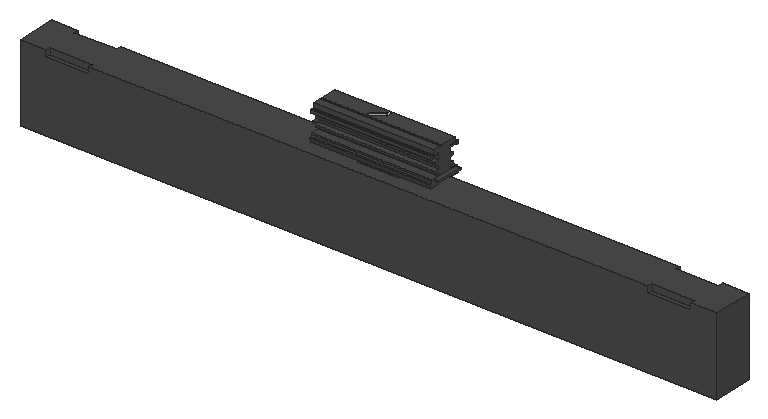
Revit family "DOT SINGLE HEAD RAIL 646_DTM30W6.5.24", category Luminarias, Revit 2019
Family settings
  Cota de conector redondo = Diámetro de uso
  Tipo de pieza = Normal
  Se basa en plano de trabajo = Sí
  Siempre vertical = Sí
  Corte con vacíos al cargar = No
  Origen de luz = Sí
  Compartido = No
  Punto de cálculo de habitación = No
Parameters (values of type "DOT SINGLE HEAD RAIL 646_DTM30W6.5.24")
  Ángulo de inclinación = 60.00°
  Zone [instance] = ""
  Watt per fixture = 30
  Wattage = 30 W
  built-in parameter 1150107 = 3000 (stored number, unit not read)
  built-in parameter 1150110 = 1 (stored number, unit not read)
  built-in parameter 1150109 = 1 (stored number, unit not read)
  built-in parameter 1150112 = 1 (stored number, unit not read)
  built-in parameter 1150113 = 1 (stored number, unit not read)
  built-in parameter 1114218 = 1 (stored number, unit not read)
  Keynote = ""
  built-in parameter 1150137 = (empty or 0)
  built-in parameter 1150132 = (empty or 0)
  Modelo = "DTM30W6.5.24"
  Lámpara = "3030SMD PHILIPS"
  built-in parameter 1150105 = 202.92 (stored number, unit not read)
  built-in parameter 1150102 = (empty or 0)
  built-in parameter 1150106 = 2.0292 (stored number, unit not read)
  Lumens = 2550 lm
  Color Filter = 16777215
  built-in parameter 1114217 = 1 (stored number, unit not read)
  built-in parameter 1150139 = (empty or 0)
  Fabricante = "BRILLANT"
  Default Elevation = 1219.2 mm
  built-in parameter 1150104 = 7.8968 (stored number, unit not read)
  Descripción = "LUMINARIA DOWNLIGHT EN FORMATO RECTANGULAR COMPATIBLE CON RIEL DE 6 ENTRADAS Y 3 CIRCUITOS CON CABEZAL PARA PODER DIRIGIR LA LUMINARIA HASTA 30 GRADOS, CUERPO DE ALUMINIO ACABADO EN COLOR NEGRO, IP 20, PESO 1.48Kg, TIPO DE LED 3030SMD PHILIPS CON 30W TOTAL, 1400 LUMENES, 85LM/W, IRC 90, TEMPERATURA EN BLANCO CALIDO 3000K, 50 MIL HORAS DE VIDA PROMEDIO, APERTURA DE 24 GRADOS EN STOCK, ALIMENTADO A 90-240V"
  built-in parameter 1150115 = 1 (stored number, unit not read)
  built-in parameter 1150114 = 1 (stored number, unit not read)
  Comentarios de vataje = "90-240V"
  built-in parameter 1150138 = (empty or 0)
  built-in parameter 1150134 = (empty or 0)
  Circuit [instance] = ""
  Dimming Lamp Color Temperature Shift = (empty or 0)
  Archivo de red fotométrica = "L646A-30W-830-B-24_IESNA95.IES"
  built-in parameter 1150133 = 10 (stored number, unit not read)
Reference planes
  plane 1 "Centro (Frontal/Posterior)": y = 0
  plane 2: z = 0
  plane 3 "Centro (Izquierda/Derecha)": x = 0
Forms (mm)
  Extrusion 1, solid, material "Default Form"
    sketch origin (0, 0, 0) x (1, 0, 0) y (0, 0, 1)
      loop
        line (-323, 0) -> (-323, -72) -> (323, -72) -> (323, 0) -> (-323, 0)
    from -18.326 to 18.326
  Blend 2, void
    base sketch origin (0, 0, 0) x (1, 0, 0) y (0, 1, 0)
      loop
        line (-162, 16.149) -> (-162, -16.149) -> (-144.14, -16.149) -> (-144.14, 16.149) -> (-162, 16.149)
    top sketch origin (0, 0, 0) x (1, 0, 0) y (0, 1, 0)
      loop
        line (-160, 12.149) -> (-160, -12.149) -> (-146.14, -12.149) -> (-146.14, 12.149) -> (-160, 12.149)
    from -72 to -61.591
  Blend 3, void
    base sketch origin (21.86, 0, 0) x (1, 0, 0) y (0, 1, 0)
      loop
        line (-162, 16.149) -> (-162, -16.149) -> (-144.14, -16.149) -> (-144.14, 16.149) -> (-162, 16.149)
    top sketch origin (21.86, 0, 0) x (1, 0, 0) y (0, 1, 0)
      loop
        line (-160, 12.149) -> (-160, -12.149) -> (-146.14, -12.149) -> (-146.14, 12.149) -> (-160, 12.149)
    from -72 to -61.591
  Blend 4, void
    base sketch origin (43.72, 0, 0) x (1, 0, 0) y (0, 1, 0)
      loop
        line (-162, 16.149) -> (-162, -16.149) -> (-144.14, -16.149) -> (-144.14, 16.149) -> (-162, 16.149)
    top sketch origin (43.72, 0, 0) x (1, 0, 0) y (0, 1, 0)
      loop
        line (-160, 12.149) -> (-160, -12.149) -> (-146.14, -12.149) -> (-146.14, 12.149) -> (-160, 12.149)
    from -72 to -61.591
  Blend 5, void
    base sketch origin (65.58, 0, 0) x (1, 0, 0) y (0, 1, 0)
      loop
        line (-162, 16.149) -> (-162, -16.149) -> (-144.14, -16.149) -> (-144.14, 16.149) -> (-162, 16.149)
    top sketch origin (65.58, 0, 0) x (1, 0, 0) y (0, 1, 0)
      loop
        line (-160, 12.149) -> (-160, -12.149) -> (-146.14, -12.149) -> (-146.14, 12.149) -> (-160, 12.149)
    from -72 to -61.591
  Blend 6, void
    base sketch origin (87.44, 0, 0) x (1, 0, 0) y (0, 1, 0)
      loop
        line (-162, 16.149) -> (-162, -16.149) -> (-144.14, -16.149) -> (-144.14, 16.149) -> (-162, 16.149)
    top sketch origin (87.44, 0, 0) x (1, 0, 0) y (0, 1, 0)
      loop
        line (-160, 12.149) -> (-160, -12.149) -> (-146.14, -12.149) -> (-146.14, 12.149) -> (-160, 12.149)
    from -72 to -61.591
  Blend 7, void
    base sketch origin (109.3, 0, 0) x (1, 0, 0) y (0, 1, 0)
      loop
        line (-162, 16.149) -> (-162, -16.149) -> (-144.14, -16.149) -> (-144.14, 16.149) -> (-162, 16.149)
    top sketch origin (109.3, 0, 0) x (1, 0, 0) y (0, 1, 0)
      loop
        line (-160, 12.149) -> (-160, -12.149) -> (-146.14, -12.149) -> (-146.14, 12.149) -> (-160, 12.149)
    from -72 to -61.591
  Blend 8, void
    base sketch origin (131.16, 0, 0) x (1, 0, 0) y (0, 1, 0)
      loop
        line (-162, 16.149) -> (-162, -16.149) -> (-144.14, -16.149) -> (-144.14, 16.149) -> (-162, 16.149)
    top sketch origin (131.16, 0, 0) x (1, 0, 0) y (0, 1, 0)
      loop
        line (-160, 12.149) -> (-160, -12.149) -> (-146.14, -12.149) -> (-146.14, 12.149) -> (-160, 12.149)
    from -72 to -61.591
  Blend 9, void
    base sketch origin (153.02, 0, 0) x (1, 0, 0) y (0, 1, 0)
      loop
        line (-162, 16.149) -> (-162, -16.149) -> (-144.14, -16.149) -> (-144.14, 16.149) -> (-162, 16.149)
    top sketch origin (153.02, 0, 0) x (1, 0, 0) y (0, 1, 0)
      loop
        line (-160, 12.149) -> (-160, -12.149) -> (-146.14, -12.149) -> (-146.14, 12.149) -> (-160, 12.149)
    from -72 to -61.591
  Blend 10, void
    base sketch origin (174.88, 0, 0) x (1, 0, 0) y (0, 1, 0)
      loop
        line (-162, 16.149) -> (-162, -16.149) -> (-144.14, -16.149) -> (-144.14, 16.149) -> (-162, 16.149)
    top sketch origin (174.88, 0, 0) x (1, 0, 0) y (0, 1, 0)
      loop
        line (-160, 12.149) -> (-160, -12.149) -> (-146.14, -12.149) -> (-146.14, 12.149) -> (-160, 12.149)
    from -72 to -61.591
  Blend 11, void
    base sketch origin (196.74, 0, 0) x (1, 0, 0) y (0, 1, 0)
      loop
        line (-162, 16.149) -> (-162, -16.149) -> (-144.14, -16.149) -> (-144.14, 16.149) -> (-162, 16.149)
    top sketch origin (196.74, 0, 0) x (1, 0, 0) y (0, 1, 0)
      loop
        line (-160, 12.149) -> (-160, -12.149) -> (-146.14, -12.149) -> (-146.14, 12.149) -> (-160, 12.149)
    from -72 to -61.591
  Blend 12, void
    base sketch origin (218.6, 0, 0) x (1, 0, 0) y (0, 1, 0)
      loop
        line (-162, 16.149) -> (-162, -16.149) -> (-144.14, -16.149) -> (-144.14, 16.149) -> (-162, 16.149)
    top sketch origin (218.6, 0, 0) x (1, 0, 0) y (0, 1, 0)
      loop
        line (-160, 12.149) -> (-160, -12.149) -> (-146.14, -12.149) -> (-146.14, 12.149) -> (-160, 12.149)
    from -72 to -61.591
  Blend 13, void
    base sketch origin (240.46, 0, 0) x (1, 0, 0) y (0, 1, 0)
      loop
        line (-162, 16.149) -> (-162, -16.149) -> (-144.14, -16.149) -> (-144.14, 16.149) -> (-162, 16.149)
    top sketch origin (240.46, 0, 0) x (1, 0, 0) y (0, 1, 0)
      loop
        line (-160, 12.149) -> (-160, -12.149) -> (-146.14, -12.149) -> (-146.14, 12.149) -> (-160, 12.149)
    from -72 to -61.591
  Blend 14, void
    base sketch origin (262.32, 0, 0) x (1, 0, 0) y (0, 1, 0)
      loop
        line (-162, 16.149) -> (-162, -16.149) -> (-144.14, -16.149) -> (-144.14, 16.149) -> (-162, 16.149)
    top sketch origin (262.32, 0, 0) x (1, 0, 0) y (0, 1, 0)
      loop
        line (-160, 12.149) -> (-160, -12.149) -> (-146.14, -12.149) -> (-146.14, 12.149) -> (-160, 12.149)
    from -72 to -61.591
  Blend 15, void
    base sketch origin (284.18, 0, 0) x (1, 0, 0) y (0, 1, 0)
      loop
        line (-162, 16.149) -> (-162, -16.149) -> (-144.14, -16.149) -> (-144.14, 16.149) -> (-162, 16.149)
    top sketch origin (284.18, 0, 0) x (1, 0, 0) y (0, 1, 0)
      loop
        line (-160, 12.149) -> (-160, -12.149) -> (-146.14, -12.149) -> (-146.14, 12.149) -> (-160, 12.149)
    from -72 to -61.591
  Blend 16, void
    base sketch origin (306.04, 0, 0) x (1, 0, 0) y (0, 1, 0)
      loop
        line (-162, 16.149) -> (-162, -16.149) -> (-144.14, -16.149) -> (-144.14, 16.149) -> (-162, 16.149)
    top sketch origin (306.04, 0, 0) x (1, 0, 0) y (0, 1, 0)
      loop
        line (-160, 12.149) -> (-160, -12.149) -> (-146.14, -12.149) -> (-146.14, 12.149) -> (-160, 12.149)
    from -72 to -61.591
  Extrusion 17, solid, material "Default Form"
    sketch origin (-55.628, 0, 7.5) x (0, 1, 0) y (0, 0, 1)
      loop
        line (-7.273, 1.74) -> (7.273, 1.74) -> (7.273, 0) -> (15.231, 0) -> (17.006, 4.494) -> (15.021, 4.494) -> (14.058, 5.868) -> (14.058, 7.166) -> (6.473, 7.166) -> (6.473, 9.324) -> (10.169, 10.163) -> (10.169, 12.464) -> (6.473, 13.302) -> (6.473, 16.66) -> (10.169, 17.499) -> (10.169, 19.8) -> (6.473, 20.638) -> (6.473, 25.016) -> (13.839, 25.016) -> (14.514, 24.341) -> (15.775, 24.341) -> (15.775, 27.171) -> (14.73, 27.171) -> (14.058, 26.499) -> (6.473, 26.499) -> (6.473, 27.299) -> (12.377, 27.299) -> (12.377, 31.471) -> (-2.744, 31.471) -> (-2.744, 30.671) -> (-5.514, 30.671) -> (-5.514, 31.471) -> (-12.377, 31.471) -> (-12.377, 27.299) -> (-6.473, 27.299) -> (-6.473, 26.499) -> (-14.058, 26.499) -> (-14.73, 27.171) -> (-15.775, 27.171) -> (-15.775, 24.341) -> (-14.514, 24.341) -> (-13.839, 25.016) -> (-6.473, 25.016) -> (-6.473, 20.638) -> (-10.169, 19.8) -> (-10.169, 17.499) -> (-6.473, 16.66) -> (-6.473, 13.302) -> (-10.169, 12.464) -> (-10.169, 10.163) -> (-6.473, 9.324) -> (-6.473, 7.166) -> (-14.058, 7.166) -> (-14.058, 5.868) -> (-15.021, 4.494) -> (-17.006, 4.494) -> (-15.231, 0) -> (-7.273, 0) -> (-7.273, 1.74)
    from 0 to 111.256
  Extrusion 18, solid, material "Default Form"
    sketch origin (0, 0, 0) x (1, 0, 0) y (0, 1, 0)
      loop
        line (-19.12, 6.873) -> (-19.12, -6.873) -> (19.12, -6.873) -> (19.12, 6.873) -> (-19.12, 6.873)
    from 0 to 2.67
  Extrusion 19, solid, material "Default Form"
    sketch origin (0, 0, 0) x (1, 0, 0) y (0, 1, 0)
      loop
        line (-10.93, 3.188) -> (-10.93, -3.188) -> (10.93, -3.188) -> (10.93, 3.188) -> (-10.93, 3.188)
    from 2.67 to 7.5
  Extrusion 20, void
    sketch origin (0, 0, 0) x (1, 0, 0) y (0, 1, 0)
      loop
        line (-259.42, 18.326) -> (-299.14, 18.326) -> (-299.14, 14.276) -> (-259.42, 14.276) -> (-259.42, 18.326)
      loop
        line (-299.14, -18.326) -> (-259.42, -18.326) -> (-259.42, -14.276) -> (-299.14, -14.276) -> (-299.14, -18.326)
      loop
        line (299.14, -18.326) -> (299.14, -14.276) -> (259.42, -14.276) -> (259.42, -18.326) -> (299.14, -18.326)
      loop
        line (299.14, 18.326) -> (259.42, 18.326) -> (259.42, 14.276) -> (299.14, 14.276) -> (299.14, 18.326)
    from -6.015 to 0
  Extrusion 21, solid, material "Acero Inoxidable"
    sketch origin (0, -1.594, 0) x (1, 0, 0) y (0, 0, -1)
      loop
        line (-15, -38.971) -> (3.794, -45.811) -> (4.341, -44.308) -> (3.589, -44.034) -> (3.316, -44.786) -> (-12.661, -38.971) -> (-15, -38.971)
    from 0 to 3.188
  Extrusion 22, solid, material "Default Form"
    sketch origin (0, 0, 0) x (1, 0, 0) y (0, 1, 0)
      loop
        line (-55.628, 6.473) -> (-66.331, 6.473) -> (-66.331, 0) -> (-55.628, 0) -> (-55.628, 6.473)
      loop
        line (55.628, 12.377) -> (55.628, -12.149) -> (60.628, -12.149) -> (60.628, 12.377) -> (55.628, 12.377)
    from 13.368 to 15
  Blend 23, void
    base sketch origin (-87.44, 0, 0) x (1, 0, 0) y (0, 1, 0)
      loop
        line (-162, 16.149) -> (-162, -16.149) -> (-144.14, -16.149) -> (-144.14, 16.149) -> (-162, 16.149)
    top sketch origin (-87.44, 0, 0) x (1, 0, 0) y (0, 1, 0)
      loop
        line (-160, 12.149) -> (-160, -12.149) -> (-146.14, -12.149) -> (-146.14, 12.149) -> (-160, 12.149)
    from -72 to -61.591
  Blend 24, void
    base sketch origin (-65.58, 0, 0) x (1, 0, 0) y (0, 1, 0)
      loop
        line (-162, 16.149) -> (-162, -16.149) -> (-144.14, -16.149) -> (-144.14, 16.149) -> (-162, 16.149)
    top sketch origin (-65.58, 0, 0) x (1, 0, 0) y (0, 1, 0)
      loop
        line (-160, 12.149) -> (-160, -12.149) -> (-146.14, -12.149) -> (-146.14, 12.149) -> (-160, 12.149)
    from -72 to -61.591
  Blend 25, void
    base sketch origin (-43.72, 0, 0) x (1, 0, 0) y (0, 1, 0)
      loop
        line (-162, 16.149) -> (-162, -16.149) -> (-144.14, -16.149) -> (-144.14, 16.149) -> (-162, 16.149)
    top sketch origin (-43.72, 0, 0) x (1, 0, 0) y (0, 1, 0)
      loop
        line (-160, 12.149) -> (-160, -12.149) -> (-146.14, -12.149) -> (-146.14, 12.149) -> (-160, 12.149)
    from -72 to -61.591
  Blend 26, void
    base sketch origin (-21.86, 0, 0) x (1, 0, 0) y (0, 1, 0)
      loop
        line (-162, 16.149) -> (-162, -16.149) -> (-144.14, -16.149) -> (-144.14, 16.149) -> (-162, 16.149)
    top sketch origin (-21.86, 0, 0) x (1, 0, 0) y (0, 1, 0)
      loop
        line (-160, 12.149) -> (-160, -12.149) -> (-146.14, -12.149) -> (-146.14, 12.149) -> (-160, 12.149)
    from -72 to -61.591
  Blend 27, void
    base sketch origin (-109.3, 0, 0) x (1, 0, 0) y (0, 1, 0)
      loop
        line (-162, 16.149) -> (-162, -16.149) -> (-144.14, -16.149) -> (-144.14, 16.149) -> (-162, 16.149)
    top sketch origin (-109.3, 0, 0) x (1, 0, 0) y (0, 1, 0)
      loop
        line (-160, 12.149) -> (-160, -12.149) -> (-146.14, -12.149) -> (-146.14, 12.149) -> (-160, 12.149)
    from -72 to -61.591
  Blend 28, void
    base sketch origin (327.9, 0, 0) x (1, 0, 0) y (0, 1, 0)
      loop
        line (-162, 16.149) -> (-162, -16.149) -> (-144.14, -16.149) -> (-144.14, 16.149) -> (-162, 16.149)
    top sketch origin (327.9, 0, 0) x (1, 0, 0) y (0, 1, 0)
      loop
        line (-160, 12.149) -> (-160, -12.149) -> (-146.14, -12.149) -> (-146.14, 12.149) -> (-160, 12.149)
    from -72 to -61.591
  Blend 29, void
    base sketch origin (349.76, 0, 0) x (1, 0, 0) y (0, 1, 0)
      loop
        line (-162, 16.149) -> (-162, -16.149) -> (-144.14, -16.149) -> (-144.14, 16.149) -> (-162, 16.149)
    top sketch origin (349.76, 0, 0) x (1, 0, 0) y (0, 1, 0)
      loop
        line (-160, 12.149) -> (-160, -12.149) -> (-146.14, -12.149) -> (-146.14, 12.149) -> (-160, 12.149)
    from -72 to -61.591
  Blend 30, void
    base sketch origin (371.62, 0, 0) x (1, 0, 0) y (0, 1, 0)
      loop
        line (-162, 16.149) -> (-162, -16.149) -> (-144.14, -16.149) -> (-144.14, 16.149) -> (-162, 16.149)
    top sketch origin (371.62, 0, 0) x (1, 0, 0) y (0, 1, 0)
      loop
        line (-160, 12.149) -> (-160, -12.149) -> (-146.14, -12.149) -> (-146.14, 12.149) -> (-160, 12.149)
    from -72 to -61.591
  Blend 31, void
    base sketch origin (393.48, 0, 0) x (1, 0, 0) y (0, 1, 0)
      loop
        line (-162, 16.149) -> (-162, -16.149) -> (-144.14, -16.149) -> (-144.14, 16.149) -> (-162, 16.149)
    top sketch origin (393.48, 0, 0) x (1, 0, 0) y (0, 1, 0)
      loop
        line (-160, 12.149) -> (-160, -12.149) -> (-146.14, -12.149) -> (-146.14, 12.149) -> (-160, 12.149)
    from -72 to -61.591
  Blend 32, void
    base sketch origin (415.34, 0, 0) x (1, 0, 0) y (0, 1, 0)
      loop
        line (-162, 16.149) -> (-162, -16.149) -> (-144.14, -16.149) -> (-144.14, 16.149) -> (-162, 16.149)
    top sketch origin (415.34, 0, 0) x (1, 0, 0) y (0, 1, 0)
      loop
        line (-160, 12.149) -> (-160, -12.149) -> (-146.14, -12.149) -> (-146.14, 12.149) -> (-160, 12.149)
    from -72 to -61.591
Cuts and joins
  Blend 2, Blend 3, Blend 4, Blend 5, Blend 6, Blend 7, Blend 8, Blend 9, Blend 10, Blend 11, Blend 12, Blend 13, Blend 14, Blend 15, Blend 16, Extrusion 20, Blend 23, Blend 24, Blend 25, Blend 26, Blend 27, Blend 28, Blend 29, Blend 30, Blend 31, Blend 32 cuts Extrusion 1
Dimensions and locks
  equal spacing: Extrusion 1, plane 1 "Centro (Frontal/Posterior)", Extrusion 1
  Extrusion 1 to plane 1 "Centro (Frontal/Posterior)" = 18.326 mm
  Extrusion 1 to Extrusion 1 = 36.651 mm
  Extrusion 1 to Extrusion 1 = 72 mm
  Extrusion 1 to Extrusion 1 = 646 mm
  cut or joined group 1 (Extrusion 1, Blend 2, Blend 3, Blend 4, Blend 5, Blend 6, Blend 7, Blend 8, Blend 9, Blend 10, Blend 11, Blend 12, Blend 13, Blend 14, Blend 15, Blend 16, Extrusion 20, Blend 23, Blend 24, Blend 25, Blend 26, Blend 27, Blend 28, Blend 29, Blend 30, Blend 31, Blend 32) to cut or joined group 1 = 72 mm
  cut or joined group 1 to cut or joined group 1 = 36.651 mm
  cut or joined group 1 to cut or joined group 1 = 646 mm
  equal spacing: cut or joined group 1, plane 1 "Centro (Frontal/Posterior)", cut or joined group 1
  cut or joined group 1 to cut or joined group 1 = 23.86 mm  (x2)
  aligned and locked: level to plane 2
  aligned and locked: Extrusion 19 to Extrusion 17
  aligned and locked: Extrusion 19 to Extrusion 18
Automatic sketch dimensions
  Extrusion 1 sketch curve to level = 0 mm
  Extrusion 1 sketch curve to level = 72 mm
  Extrusion 1 sketch curve to plane 3 "Centro (Izquierda/Derecha)" = 323 mm
  plane 3 "Centro (Izquierda/Derecha)" to Extrusion 1 sketch curve = 323 mm
  Blend 2 sketch curve to plane 1 "Centro (Frontal/Posterior)" = 16.149 mm
  Blend 2 sketch curve to plane 3 "Centro (Izquierda/Derecha)" = 162 mm
  Blend 2 sketch curve to Blend 2 sketch curve = 17.86 mm
  plane 1 "Centro (Frontal/Posterior)" to Blend 2 sketch curve = 16.149 mm
  Blend 2 sketch curve to plane 1 "Centro (Frontal/Posterior)" = 12.149 mm
  Blend 2 sketch curve to plane 3 "Centro (Izquierda/Derecha)" = 160 mm
  Blend 2 sketch curve to Blend 2 sketch curve = 13.86 mm
  plane 1 "Centro (Frontal/Posterior)" to Blend 2 sketch curve = 12.149 mm
  Blend 3 sketch curve to plane 1 "Centro (Frontal/Posterior)" = 16.149 mm
  Blend 3 sketch curve to plane 3 "Centro (Izquierda/Derecha)" = 140.14 mm
  Blend 3 sketch curve to Blend 3 sketch curve = 17.86 mm
  plane 1 "Centro (Frontal/Posterior)" to Blend 3 sketch curve = 16.149 mm
  Blend 3 sketch curve to plane 1 "Centro (Frontal/Posterior)" = 12.149 mm
  Blend 3 sketch curve to plane 3 "Centro (Izquierda/Derecha)" = 138.14 mm
  Blend 3 sketch curve to Blend 3 sketch curve = 13.86 mm
  plane 1 "Centro (Frontal/Posterior)" to Blend 3 sketch curve = 12.149 mm
  Blend 4 sketch curve to plane 1 "Centro (Frontal/Posterior)" = 16.149 mm
  Blend 4 sketch curve to plane 3 "Centro (Izquierda/Derecha)" = 118.28 mm
  Blend 4 sketch curve to Blend 4 sketch curve = 17.86 mm
  plane 1 "Centro (Frontal/Posterior)" to Blend 4 sketch curve = 16.149 mm
  Blend 4 sketch curve to plane 1 "Centro (Frontal/Posterior)" = 12.149 mm
  Blend 4 sketch curve to plane 3 "Centro (Izquierda/Derecha)" = 116.28 mm
  Blend 4 sketch curve to Blend 4 sketch curve = 13.86 mm
  plane 1 "Centro (Frontal/Posterior)" to Blend 4 sketch curve = 12.149 mm
  Blend 5 sketch curve to plane 1 "Centro (Frontal/Posterior)" = 16.149 mm
  Blend 5 sketch curve to plane 3 "Centro (Izquierda/Derecha)" = 96.42 mm
  Blend 5 sketch curve to Blend 5 sketch curve = 17.86 mm
  plane 1 "Centro (Frontal/Posterior)" to Blend 5 sketch curve = 16.149 mm
  Blend 5 sketch curve to plane 1 "Centro (Frontal/Posterior)" = 12.149 mm
  Blend 5 sketch curve to plane 3 "Centro (Izquierda/Derecha)" = 94.42 mm
  Blend 5 sketch curve to Blend 5 sketch curve = 13.86 mm
  plane 1 "Centro (Frontal/Posterior)" to Blend 5 sketch curve = 12.149 mm
  Blend 6 sketch curve to plane 1 "Centro (Frontal/Posterior)" = 16.149 mm
  Blend 6 sketch curve to plane 3 "Centro (Izquierda/Derecha)" = 74.56 mm
  Blend 6 sketch curve to Blend 6 sketch curve = 17.86 mm
  plane 1 "Centro (Frontal/Posterior)" to Blend 6 sketch curve = 16.149 mm
  Blend 6 sketch curve to plane 1 "Centro (Frontal/Posterior)" = 12.149 mm
  Blend 6 sketch curve to plane 3 "Centro (Izquierda/Derecha)" = 72.56 mm
  Blend 6 sketch curve to Blend 6 sketch curve = 13.86 mm
  plane 1 "Centro (Frontal/Posterior)" to Blend 6 sketch curve = 12.149 mm
  Blend 7 sketch curve to plane 1 "Centro (Frontal/Posterior)" = 16.149 mm
  Blend 7 sketch curve to plane 3 "Centro (Izquierda/Derecha)" = 52.7 mm
  Blend 7 sketch curve to Blend 7 sketch curve = 17.86 mm
  plane 1 "Centro (Frontal/Posterior)" to Blend 7 sketch curve = 16.149 mm
  Blend 7 sketch curve to plane 1 "Centro (Frontal/Posterior)" = 12.149 mm
  Blend 7 sketch curve to plane 3 "Centro (Izquierda/Derecha)" = 50.7 mm
  Blend 7 sketch curve to Blend 7 sketch curve = 13.86 mm
  plane 1 "Centro (Frontal/Posterior)" to Blend 7 sketch curve = 12.149 mm
  Blend 8 sketch curve to plane 3 "Centro (Izquierda/Derecha)" = 30.84 mm
  Blend 8 sketch curve to plane 3 "Centro (Izquierda/Derecha)" = 12.98 mm
  plane 1 "Centro (Frontal/Posterior)" to Blend 8 sketch curve = 16.149 mm
  Blend 8 sketch curve to plane 1 "Centro (Frontal/Posterior)" = 16.149 mm
  Blend 8 sketch curve to plane 1 "Centro (Frontal/Posterior)" = 12.149 mm
  Blend 8 sketch curve to plane 3 "Centro (Izquierda/Derecha)" = 28.84 mm
  Blend 8 sketch curve to Blend 8 sketch curve = 13.86 mm
  plane 1 "Centro (Frontal/Posterior)" to Blend 8 sketch curve = 12.149 mm
  Blend 9 sketch curve to plane 3 "Centro (Izquierda/Derecha)" = 8.98 mm
  plane 3 "Centro (Izquierda/Derecha)" to Blend 9 sketch curve = 8.88 mm
  plane 1 "Centro (Frontal/Posterior)" to Blend 9 sketch curve = 16.149 mm
  Blend 9 sketch curve to plane 1 "Centro (Frontal/Posterior)" = 16.149 mm
  Blend 9 sketch curve to plane 3 "Centro (Izquierda/Derecha)" = 6.98 mm
  plane 3 "Centro (Izquierda/Derecha)" to Blend 9 sketch curve = 6.88 mm
  plane 1 "Centro (Frontal/Posterior)" to Blend 9 sketch curve = 12.149 mm
  Blend 9 sketch curve to plane 1 "Centro (Frontal/Posterior)" = 12.149 mm
  plane 3 "Centro (Izquierda/Derecha)" to Blend 10 sketch curve = 12.88 mm
  Blend 10 sketch curve to Blend 10 sketch curve = 17.86 mm
  plane 1 "Centro (Frontal/Posterior)" to Blend 10 sketch curve = 16.149 mm
  Blend 10 sketch curve to plane 1 "Centro (Frontal/Posterior)" = 16.149 mm
  plane 3 "Centro (Izquierda/Derecha)" to Blend 10 sketch curve = 14.88 mm
  Blend 10 sketch curve to Blend 10 sketch curve = 13.86 mm
  plane 1 "Centro (Frontal/Posterior)" to Blend 10 sketch curve = 12.149 mm
  Blend 10 sketch curve to plane 1 "Centro (Frontal/Posterior)" = 12.149 mm
  Blend 11 sketch curve to plane 1 "Centro (Frontal/Posterior)" = 16.149 mm
  plane 3 "Centro (Izquierda/Derecha)" to Blend 11 sketch curve = 34.74 mm
  Blend 11 sketch curve to Blend 11 sketch curve = 17.86 mm
  plane 1 "Centro (Frontal/Posterior)" to Blend 11 sketch curve = 16.149 mm
  Blend 11 sketch curve to plane 1 "Centro (Frontal/Posterior)" = 12.149 mm
  plane 3 "Centro (Izquierda/Derecha)" to Blend 11 sketch curve = 36.74 mm
  Blend 11 sketch curve to Blend 11 sketch curve = 13.86 mm
  plane 1 "Centro (Frontal/Posterior)" to Blend 11 sketch curve = 12.149 mm
  Blend 12 sketch curve to plane 1 "Centro (Frontal/Posterior)" = 16.149 mm
  plane 3 "Centro (Izquierda/Derecha)" to Blend 12 sketch curve = 56.6 mm
  Blend 12 sketch curve to Blend 12 sketch curve = 17.86 mm
  plane 1 "Centro (Frontal/Posterior)" to Blend 12 sketch curve = 16.149 mm
  Blend 12 sketch curve to plane 1 "Centro (Frontal/Posterior)" = 12.149 mm
  plane 3 "Centro (Izquierda/Derecha)" to Blend 12 sketch curve = 58.6 mm
  Blend 12 sketch curve to Blend 12 sketch curve = 13.86 mm
  plane 1 "Centro (Frontal/Posterior)" to Blend 12 sketch curve = 12.149 mm
  Blend 13 sketch curve to plane 1 "Centro (Frontal/Posterior)" = 16.149 mm
  plane 3 "Centro (Izquierda/Derecha)" to Blend 13 sketch curve = 78.46 mm
  Blend 13 sketch curve to Blend 13 sketch curve = 17.86 mm
  plane 1 "Centro (Frontal/Posterior)" to Blend 13 sketch curve = 16.149 mm
  Blend 13 sketch curve to plane 1 "Centro (Frontal/Posterior)" = 12.149 mm
  plane 3 "Centro (Izquierda/Derecha)" to Blend 13 sketch curve = 80.46 mm
  Blend 13 sketch curve to Blend 13 sketch curve = 13.86 mm
  plane 1 "Centro (Frontal/Posterior)" to Blend 13 sketch curve = 12.149 mm
  Blend 14 sketch curve to plane 1 "Centro (Frontal/Posterior)" = 16.149 mm
  plane 3 "Centro (Izquierda/Derecha)" to Blend 14 sketch curve = 100.32 mm
  Blend 14 sketch curve to Blend 14 sketch curve = 17.86 mm
  plane 1 "Centro (Frontal/Posterior)" to Blend 14 sketch curve = 16.149 mm
  Blend 14 sketch curve to plane 1 "Centro (Frontal/Posterior)" = 12.149 mm
  plane 3 "Centro (Izquierda/Derecha)" to Blend 14 sketch curve = 102.32 mm
  Blend 14 sketch curve to Blend 14 sketch curve = 13.86 mm
  plane 1 "Centro (Frontal/Posterior)" to Blend 14 sketch curve = 12.149 mm
  Blend 15 sketch curve to plane 1 "Centro (Frontal/Posterior)" = 16.149 mm
  plane 3 "Centro (Izquierda/Derecha)" to Blend 15 sketch curve = 122.18 mm
  Blend 15 sketch curve to Blend 15 sketch curve = 17.86 mm
  plane 1 "Centro (Frontal/Posterior)" to Blend 15 sketch curve = 16.149 mm
  Blend 15 sketch curve to plane 1 "Centro (Frontal/Posterior)" = 12.149 mm
  plane 3 "Centro (Izquierda/Derecha)" to Blend 15 sketch curve = 124.18 mm
  Blend 15 sketch curve to Blend 15 sketch curve = 13.86 mm
  plane 1 "Centro (Frontal/Posterior)" to Blend 15 sketch curve = 12.149 mm
  Blend 16 sketch curve to plane 1 "Centro (Frontal/Posterior)" = 16.149 mm
  plane 3 "Centro (Izquierda/Derecha)" to Blend 16 sketch curve = 144.04 mm
  Blend 16 sketch curve to Blend 16 sketch curve = 17.86 mm
  plane 1 "Centro (Frontal/Posterior)" to Blend 16 sketch curve = 16.149 mm
  Blend 16 sketch curve to plane 1 "Centro (Frontal/Posterior)" = 12.149 mm
  plane 3 "Centro (Izquierda/Derecha)" to Blend 16 sketch curve = 146.04 mm
  Blend 16 sketch curve to Blend 16 sketch curve = 13.86 mm
  plane 1 "Centro (Frontal/Posterior)" to Blend 16 sketch curve = 12.149 mm
  plane 1 "Centro (Frontal/Posterior)" to Extrusion 17 sketch curve = 17.006 mm
  plane 1 "Centro (Frontal/Posterior)" to Extrusion 17 sketch curve = 15.775 mm
  level to Extrusion 17 sketch curve = 7.5 mm  (x2)
  Extrusion 17 sketch curve to Extrusion 17 sketch curve = 1.775 mm
  Extrusion 17 sketch curve to Extrusion 17 sketch curve = 1.985 mm  (x2)
  Extrusion 17 sketch curve to Extrusion 17 sketch curve = 1.045 mm
  Extrusion 17 sketch curve to Extrusion 17 sketch curve = 1.261 mm  (x2)
  Extrusion 17 sketch curve to Extrusion 17 sketch curve = 0.963 mm  (x2)
  Extrusion 17 sketch curve to Extrusion 17 sketch curve = 0.672 mm  (x4)
  Extrusion 17 sketch curve to Extrusion 17 sketch curve = 0.675 mm  (x3)
  Extrusion 17 sketch curve to Extrusion 17 sketch curve = 2.354 mm
  Extrusion 17 sketch curve to Extrusion 17 sketch curve = 4.345 mm
  Extrusion 17 sketch curve to Extrusion 17 sketch curve = 3.89 mm  (x2)
  plane 1 "Centro (Frontal/Posterior)" to Extrusion 17 sketch curve = 7.273 mm
  Extrusion 17 sketch curve to Extrusion 17 sketch curve = 3.696 mm  (x4)
  Extrusion 17 sketch curve to Extrusion 17 sketch curve = 5.904 mm  (x2)
  Extrusion 17 sketch curve to Extrusion 17 sketch curve = 0 mm  (x3)
  Extrusion 17 sketch curve to Extrusion 17 sketch curve = 0.959 mm
  plane 1 "Centro (Frontal/Posterior)" to Extrusion 17 sketch curve = 2.744 mm
  Extrusion 17 sketch curve to plane 1 "Centro (Frontal/Posterior)" = 6.473 mm  (x2)
  Extrusion 17 sketch curve to Extrusion 17 sketch curve = 0.8 mm  (x3)
  Extrusion 17 sketch curve to Extrusion 17 sketch curve = 1.462 mm
  Extrusion 17 sketch curve to Extrusion 17 sketch curve = 0.22 mm
  Extrusion 17 sketch curve to Extrusion 17 sketch curve = 0.21 mm
  Extrusion 17 sketch curve to Extrusion 17 sketch curve = 1.74 mm
  Extrusion 17 sketch curve to Extrusion 17 sketch curve = 4.494 mm  (x2)
  Extrusion 17 sketch curve to Extrusion 17 sketch curve = 1.375 mm  (x2)
  Extrusion 17 sketch curve to Extrusion 17 sketch curve = 5.426 mm  (x2)
  Extrusion 17 sketch curve to Extrusion 17 sketch curve = 2.158 mm  (x2)
  Extrusion 17 sketch curve to Extrusion 17 sketch curve = 0.839 mm  (x8)
  Extrusion 17 sketch curve to Extrusion 17 sketch curve = 2.301 mm  (x4)
  Extrusion 17 sketch curve to Extrusion 17 sketch curve = 3.358 mm  (x2)
  Extrusion 17 sketch curve to Extrusion 17 sketch curve = 4.541 mm  (x2)
  Extrusion 17 sketch curve to Extrusion 17 sketch curve = 4.378 mm
  Extrusion 17 sketch curve to Extrusion 17 sketch curve = 1.483 mm  (x2)
  Extrusion 17 sketch curve to Extrusion 17 sketch curve = 3.372 mm
  Extrusion 17 sketch curve to Extrusion 17 sketch curve = 4.172 mm  (x2)
  plane 1 "Centro (Frontal/Posterior)" to Extrusion 18 sketch curve = 6.873 mm
  Extrusion 18 sketch curve to plane 3 "Centro (Izquierda/Derecha)" = 19.12 mm
  plane 3 "Centro (Izquierda/Derecha)" to Extrusion 18 sketch curve = 19.12 mm
  Extrusion 18 sketch curve to plane 1 "Centro (Frontal/Posterior)" = 6.873 mm
  plane 1 "Centro (Frontal/Posterior)" to Extrusion 19 sketch curve = 3.188 mm
  Extrusion 19 sketch curve to plane 3 "Centro (Izquierda/Derecha)" = 10.93 mm
  plane 3 "Centro (Izquierda/Derecha)" to Extrusion 19 sketch curve = 10.93 mm
  Extrusion 19 sketch curve to plane 1 "Centro (Frontal/Posterior)" = 3.188 mm
  plane 1 "Centro (Frontal/Posterior)" to Extrusion 20 sketch curve = 18.326 mm
  Extrusion 20 sketch curve to plane 3 "Centro (Izquierda/Derecha)" = 299.14 mm
  Extrusion 20 sketch curve to Extrusion 20 sketch curve = 0 mm  (x4)
  Extrusion 20 sketch curve to Extrusion 20 sketch curve = 39.72 mm  (x2)
  plane 1 "Centro (Frontal/Posterior)" to Extrusion 20 sketch curve = 14.276 mm
  plane 3 "Centro (Izquierda/Derecha)" to Extrusion 20 sketch curve = 259.42 mm
  Extrusion 20 sketch curve to plane 1 "Centro (Frontal/Posterior)" = 18.326 mm
  Extrusion 20 sketch curve to Extrusion 20 sketch curve = 4.049 mm  (x4)
  Extrusion 20 sketch curve to plane 1 "Centro (Frontal/Posterior)" = 14.276 mm
  Extrusion 21 sketch curve to plane 3 "Centro (Izquierda/Derecha)" = 15 mm
  Extrusion 21 sketch curve to Extrusion 21 sketch curve = 2.339 mm
  plane 3 "Centro (Izquierda/Derecha)" to Extrusion 21 sketch curve = 3.316 mm
  Extrusion 21 sketch curve to Extrusion 21 sketch curve = 0.274 mm
  Extrusion 21 sketch curve to Extrusion 21 sketch curve = 0.478 mm
  Extrusion 21 sketch curve to Extrusion 21 sketch curve = 0.752 mm
  level to Extrusion 21 sketch curve = 45.811 mm
  plane 1 "Centro (Frontal/Posterior)" to Extrusion 22 sketch curve = 0 mm
  Extrusion 22 sketch curve to plane 1 "Centro (Frontal/Posterior)" = 6.473 mm
  Extrusion 22 sketch curve to plane 3 "Centro (Izquierda/Derecha)" = 66.331 mm
  Extrusion 22 sketch curve to Extrusion 22 sketch curve = 10.703 mm
  Extrusion 22 sketch curve to plane 1 "Centro (Frontal/Posterior)" = 12.377 mm
  plane 3 "Centro (Izquierda/Derecha)" to Extrusion 22 sketch curve = 55.628 mm
  Extrusion 22 sketch curve to Extrusion 22 sketch curve = 5 mm
  plane 1 "Centro (Frontal/Posterior)" to Extrusion 22 sketch curve = 12.149 mm
  Blend 23 sketch curve to plane 1 "Centro (Frontal/Posterior)" = 16.149 mm
  Blend 23 sketch curve to plane 3 "Centro (Izquierda/Derecha)" = 249.44 mm
  Blend 23 sketch curve to Blend 23 sketch curve = 17.86 mm
  plane 1 "Centro (Frontal/Posterior)" to Blend 23 sketch curve = 16.149 mm
  Blend 23 sketch curve to plane 1 "Centro (Frontal/Posterior)" = 12.149 mm
  Blend 23 sketch curve to plane 3 "Centro (Izquierda/Derecha)" = 247.44 mm
  Blend 23 sketch curve to Blend 23 sketch curve = 13.86 mm
  plane 1 "Centro (Frontal/Posterior)" to Blend 23 sketch curve = 12.149 mm
  Blend 24 sketch curve to plane 1 "Centro (Frontal/Posterior)" = 16.149 mm
  Blend 24 sketch curve to plane 3 "Centro (Izquierda/Derecha)" = 227.58 mm
  Blend 24 sketch curve to Blend 24 sketch curve = 17.86 mm
  plane 1 "Centro (Frontal/Posterior)" to Blend 24 sketch curve = 16.149 mm
  Blend 24 sketch curve to plane 1 "Centro (Frontal/Posterior)" = 12.149 mm
  Blend 24 sketch curve to plane 3 "Centro (Izquierda/Derecha)" = 225.58 mm
  Blend 24 sketch curve to Blend 24 sketch curve = 13.86 mm
  plane 1 "Centro (Frontal/Posterior)" to Blend 24 sketch curve = 12.149 mm
  Blend 25 sketch curve to plane 1 "Centro (Frontal/Posterior)" = 16.149 mm
  Blend 25 sketch curve to plane 3 "Centro (Izquierda/Derecha)" = 205.72 mm
  Blend 25 sketch curve to Blend 25 sketch curve = 17.86 mm
  plane 1 "Centro (Frontal/Posterior)" to Blend 25 sketch curve = 16.149 mm
  Blend 25 sketch curve to plane 1 "Centro (Frontal/Posterior)" = 12.149 mm
  Blend 25 sketch curve to plane 3 "Centro (Izquierda/Derecha)" = 203.72 mm
  Blend 25 sketch curve to Blend 25 sketch curve = 13.86 mm
  plane 1 "Centro (Frontal/Posterior)" to Blend 25 sketch curve = 12.149 mm
  Blend 26 sketch curve to plane 1 "Centro (Frontal/Posterior)" = 16.149 mm
  Blend 26 sketch curve to plane 3 "Centro (Izquierda/Derecha)" = 183.86 mm
  Blend 26 sketch curve to Blend 26 sketch curve = 17.86 mm
  plane 1 "Centro (Frontal/Posterior)" to Blend 26 sketch curve = 16.149 mm
  Blend 26 sketch curve to plane 1 "Centro (Frontal/Posterior)" = 12.149 mm
  Blend 26 sketch curve to plane 3 "Centro (Izquierda/Derecha)" = 181.86 mm
  Blend 26 sketch curve to Blend 26 sketch curve = 13.86 mm
  plane 1 "Centro (Frontal/Posterior)" to Blend 26 sketch curve = 12.149 mm
  Blend 27 sketch curve to plane 1 "Centro (Frontal/Posterior)" = 16.149 mm
  Blend 27 sketch curve to plane 3 "Centro (Izquierda/Derecha)" = 271.3 mm
  Blend 27 sketch curve to Blend 27 sketch curve = 17.86 mm
  plane 1 "Centro (Frontal/Posterior)" to Blend 27 sketch curve = 16.149 mm
  Blend 27 sketch curve to plane 1 "Centro (Frontal/Posterior)" = 12.149 mm
  Blend 27 sketch curve to plane 3 "Centro (Izquierda/Derecha)" = 269.3 mm
  Blend 27 sketch curve to Blend 27 sketch curve = 13.86 mm
  plane 1 "Centro (Frontal/Posterior)" to Blend 27 sketch curve = 12.149 mm
  Blend 28 sketch curve to plane 1 "Centro (Frontal/Posterior)" = 16.149 mm
  plane 3 "Centro (Izquierda/Derecha)" to Blend 28 sketch curve = 165.9 mm
  Blend 28 sketch curve to Blend 28 sketch curve = 17.86 mm
  plane 1 "Centro (Frontal/Posterior)" to Blend 28 sketch curve = 16.149 mm
  Blend 28 sketch curve to plane 1 "Centro (Frontal/Posterior)" = 12.149 mm
  plane 3 "Centro (Izquierda/Derecha)" to Blend 28 sketch curve = 167.9 mm
  Blend 28 sketch curve to Blend 28 sketch curve = 13.86 mm
  plane 1 "Centro (Frontal/Posterior)" to Blend 28 sketch curve = 12.149 mm
  Blend 29 sketch curve to plane 1 "Centro (Frontal/Posterior)" = 16.149 mm
  plane 3 "Centro (Izquierda/Derecha)" to Blend 29 sketch curve = 187.76 mm
  Blend 29 sketch curve to Blend 29 sketch curve = 17.86 mm
  plane 1 "Centro (Frontal/Posterior)" to Blend 29 sketch curve = 16.149 mm
  Blend 29 sketch curve to plane 1 "Centro (Frontal/Posterior)" = 12.149 mm
  plane 3 "Centro (Izquierda/Derecha)" to Blend 29 sketch curve = 189.76 mm
  Blend 29 sketch curve to Blend 29 sketch curve = 13.86 mm
  plane 1 "Centro (Frontal/Posterior)" to Blend 29 sketch curve = 12.149 mm
  Blend 30 sketch curve to plane 1 "Centro (Frontal/Posterior)" = 16.149 mm
  plane 3 "Centro (Izquierda/Derecha)" to Blend 30 sketch curve = 209.62 mm
  Blend 30 sketch curve to Blend 30 sketch curve = 17.86 mm
  plane 1 "Centro (Frontal/Posterior)" to Blend 30 sketch curve = 16.149 mm
  Blend 30 sketch curve to plane 1 "Centro (Frontal/Posterior)" = 12.149 mm
  plane 3 "Centro (Izquierda/Derecha)" to Blend 30 sketch curve = 211.62 mm
  Blend 30 sketch curve to Blend 30 sketch curve = 13.86 mm
  plane 1 "Centro (Frontal/Posterior)" to Blend 30 sketch curve = 12.149 mm
  Blend 31 sketch curve to plane 1 "Centro (Frontal/Posterior)" = 16.149 mm
  plane 3 "Centro (Izquierda/Derecha)" to Blend 31 sketch curve = 231.48 mm
  Blend 31 sketch curve to Blend 31 sketch curve = 17.86 mm
  plane 1 "Centro (Frontal/Posterior)" to Blend 31 sketch curve = 16.149 mm
  Blend 31 sketch curve to plane 1 "Centro (Frontal/Posterior)" = 12.149 mm
  plane 3 "Centro (Izquierda/Derecha)" to Blend 31 sketch curve = 233.48 mm
  Blend 31 sketch curve to Blend 31 sketch curve = 13.86 mm
  plane 1 "Centro (Frontal/Posterior)" to Blend 31 sketch curve = 12.149 mm
  Blend 32 sketch curve to plane 1 "Centro (Frontal/Posterior)" = 16.149 mm
  plane 3 "Centro (Izquierda/Derecha)" to Blend 32 sketch curve = 253.34 mm
  Blend 32 sketch curve to Blend 32 sketch curve = 17.86 mm
  plane 1 "Centro (Frontal/Posterior)" to Blend 32 sketch curve = 16.149 mm
  Blend 32 sketch curve to plane 1 "Centro (Frontal/Posterior)" = 12.149 mm
  plane 3 "Centro (Izquierda/Derecha)" to Blend 32 sketch curve = 255.34 mm
  Blend 32 sketch curve to Blend 32 sketch curve = 13.86 mm
  plane 1 "Centro (Frontal/Posterior)" to Blend 32 sketch curve = 12.149 mm
Connectors
  electrical at (0, 0, 0)
    settings: on cut or joined group 1, index 1, voltage 240 V, apparent load 0 VA, apparent load phase1 0 VA, apparent load phase2 0 VA, apparent load phase3 0 VA, power factor 1, load classification "Otro", number of poles 1, system type 31, power factor state 1, is connector primary yes, connector utility no, sub classification motor no, connector description ""
